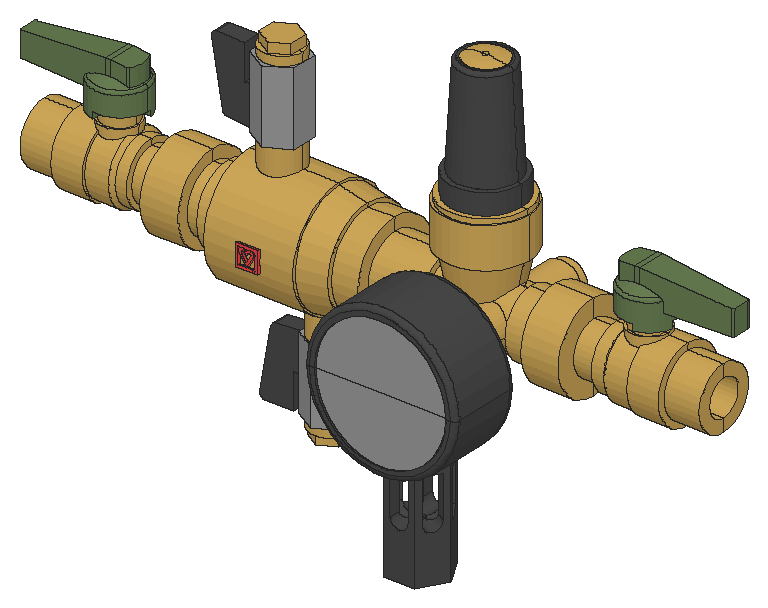
Revit family "Узел подпитки и предотвращения обратного потока 0305", category Rohrzubehör, Revit 2019
Family settings
  Bemaßung runder Anschluss = Durchmesser verwenden
  Teiletyp = Unterbricht
  OmniClass-Nummer = 23.65.55.14
  OmniClass-Titel = Valves for Liquid Services
  Arbeitsebenenbasiert = Nein
  Immer vertikal = Ja
  Beim Laden mit Abzugskörper schneiden = Nein
  Gemeinsam genutzt = Nein
Parameters
  Уплотнение = "EPDM"  # constant formula
  Примечание = "В соответствии со статьей 33 Регламента REACH (Registration; Evaluation; Authorisation; Restriction of Chemicals) (EC № 1907/2006) мы обязаны указать, что свинец внесен в список SVHC (Substances of Very High Concern - вещества очень высокой важности) и весовой процент свинца во всех латунных компонентах заводского изготовления в наших изделиях, превышает 0,1 % (w/w) (CAS: 7439-92-1 / EINECS: 231-100-4).\r\nПоскольку свинец является легирующим компонентом сплава, прямое негативное влияние исключается, и поэтому дополнительной информации о безопасном использовании не требуется."
  Область применения = "Согласно EN 1717 задача узлов предотвращения обратного потока состоит в том, чтобы не допустить обратного оттока или всасывания загрязнённой воды в сеть питьевого водоснабжения.\r\nОни устанавливаются в местах, где сеть питьевого водоснабжения соединяется с технической водой жёсткими или гибкими трубопроводами.\r\nВ основном эти узлы применяются в установках для умягчения, понижения кислотности, а также декарбонизации воды.\r\nКроме этого, узлы предотвращения обратного потока могут устанвливаться в дезинфицирующих системах или перед аппаратами химической очистки для предотвращения обратного потока химически загрязненной воды в систему питьевого водоснабжения."
  Макс. рабочее давление = 1000000.0 Pa  # constant formula
  Макс. рабочая температура = 65 °C  # constant formula
  Корпус = "латунь, CW617N"  # constant formula
  Предварительная заводская настройка давления = 150000.0 Pa  # constant formula
  W02 = 80.00°  # constant formula
  W01 = 45.00°  # constant formula
  URL = "www.herz-armaturen.ru"
  SC_NennweiteBerechnet = 0
  SC_Dimension = ""
  SCTWSEQ = "AW;SBT_TYP_AW=\"104\";2"
  SCTWCODE = "04;12;02"  # constant formula
  S08 = 65.000 mm  # constant formula
  S07 = 75.000 mm  # constant formula
  S06 = 27.000 mm  # constant formula
  S05 = 8.000 mm  # constant formula
  S04 = 20.000 mm  # constant formula
  S03 = 40.000 mm  # constant formula
  S02 [instance] = L17 + L18 + L19 + L20 + L21  # 74.900 mm
  S01 [instance] = D02 - 2.000 mm  # 13.200 mm
  R08 = 8.500 mm  # constant formula
  R07 = 31.000 mm  # constant formula
  R06 = 7.300 mm  # constant formula
  R05 = 6.500 mm  # constant formula
  R04 = 7.500 mm  # constant formula
  R03 = 8.500 mm  # constant formula
  R02 = 7.000 mm  # constant formula
  R01 = 8.000 mm  # constant formula
  Nennweite [instance] = 15.000 mm
  Среда = "питьевая вода"  # constant formula
  Макс. допустимая рабочая температура (кратковременно) = 85 °C  # constant formula
  L29 = 28.800 mm  # constant formula
  L28 = 85.300 mm  # constant formula
  L27 = 44.500 mm  # constant formula
  L26 = 48.500 mm  # constant formula
  L25 = 28.600 mm  # constant formula
  L24 = 10.100 mm  # constant formula
  L23 = 34.000 mm  # constant formula
  L22 = 22.000 mm  # constant formula
  L21 = 11.000 mm  # constant formula
  L20 = 12.000 mm  # constant formula
  L19 = 36.700 mm  # constant formula
  L18 = 8.700 mm  # constant formula
  L17 = 6.500 mm  # constant formula
  L16 = 70.500 mm  # constant formula
  L15 = 18.800 mm  # constant formula
  L14 = 30.000 mm  # constant formula
  L13 = 8.700 mm  # constant formula
  L12 = 4.800 mm  # constant formula
  L11 = 4.000 mm  # constant formula
  L10 = 23.300 mm  # constant formula
  L09 = 26.200 mm  # constant formula
  L08 = 15.500 mm  # constant formula
  L07 [instance] = size_lookup("0305_", "L7", 1.000 mm, Nennweite)  # 53.500 mm
  L06 [instance] = size_lookup("0305_", "L6", 1.000 mm, Nennweite)  # 30.700 mm
  L05 = 4.800 mm  # constant formula
  L04 = 10.000 mm  # constant formula
  L03 = 13.000 mm  # constant formula
  L02 [instance] = size_lookup("0305_", "L2", 1.000 mm, Nennweite)  # 14.600 mm
  L01 [instance] = size_lookup("0305_", "L1", 1.000 mm, Nennweite)  # 56.000 mm
  L00 [instance] = size_lookup("0305_", "L", 1.000 mm, Nennweite)  # 139.500 mm
  IG [instance] = Nennweite / 2  # 7.500 mm
  Hersteller = "HERZ Armaturen Ges.m.b.H."  # constant formula
  GT [instance] = size_lookup("0305_", "GT", 1.000 mm, Nennweite)  # 12.500 mm
  Положение при монтаже = "горизонтальное"  # constant formula
  D18 = 92.300 mm  # constant formula
  D17 = 66.500 mm  # constant formula
  D16 = 66.700 mm  # constant formula
  D15 = 12.200 mm  # constant formula
  D14 = 14.200 mm  # constant formula
  D13 = 19.200 mm  # constant formula
  D12 = 22.800 mm  # constant formula
  D11 = 23.700 mm  # constant formula
  D10 = 16.300 mm  # constant formula
  D09 = 13.500 mm  # constant formula
  D08 = 18.000 mm  # constant formula
  D07 = 22.000 mm  # constant formula
  D06 = 16.000 mm  # constant formula
  D05 = 10.600 mm  # constant formula
  D04 = 12.900 mm  # constant formula
  D03 = 14.400 mm  # constant formula
  D02 = 15.200 mm  # constant formula
  D01 [instance] = size_lookup("0305_", "D1", 1.000 mm, Nennweite)  # 12.600 mm
  Номер заказа [instance] = if(Nennweite = 15.000 mm, "I030501", if(Nennweite = 20.000 mm, "I030502", "0"))  # "I030501"
  Давление на выходе (регулируемое) = "0.5-3 bar"  # constant formula
Reference planes
  plane 1 "Mitte (Vorne/hinten)": y = 0
  plane 2: z = 0
  plane 3 "Mitte (Links/rechts)": x = 0
Forms (mm)
  Revolve 1, solid, material "Messing, weicher Gelbton, geschweißt", detail levels fine
    sketch origin (0, 0, 0) x (1, 0, 0) y (0, 0, 1)
      loop
        line (-127, 0) -> (-83.5, 0) -> (-83.5, 10.6) -> (-95.6, 10.6) -> (-95.6, 12.9) -> (-100.4, 12.9) -> (-101.9, 14.4) -> (-111.9, 14.4) -> (-111.9, 15.2) -> (-124.9, 15.2) -> (-124.9, 12.6) -> (-139.5, 12.6) -> (-139.5, 7.5) -> (-127, 7.5) -> (-127, 0)
      axis (-139.5, 0) -> (-83.5, 0)
    angle from 0 to 360
  Revolve 2, solid, material "Messing, weicher Gelbton, geschweißt", detail levels fine
    sketch origin (0, 0, 0) x (1, 0, 0) y (0, 0, 1)
      loop
        line (-100.8, 0) -> (-100.8, 16) -> (-101.8, 16) -> (-101.8, 22) -> (-108.8, 22) -> (-108.8, 0) -> (-100.8, 0)
      axis (-108.8, 22) -> (-108.8, 0)
    angle from 0 to 360
  Revolve 3, solid, material "Messing, weicher Gelbton, geschweißt", detail levels fine
    sketch origin (0, 0, 0) x (-1, 0, 0) y (0, 0, 1)
      loop
        line (-127, 0) -> (-83.5, 0) -> (-83.5, 10.6) -> (-95.6, 10.6) -> (-95.6, 12.9) -> (-100.4, 12.9) -> (-101.9, 14.4) -> (-111.9, 14.4) -> (-111.9, 15.2) -> (-124.9, 15.2) -> (-124.9, 12.6) -> (-139.5, 12.6) -> (-139.5, 7.5) -> (-127, 7.5) -> (-127, 0)
      axis (-139.5, 0) -> (-83.5, 0)
    angle from 0 to 360
  Revolve 4, solid, material "Messing, weicher Gelbton, geschweißt", detail levels fine
    sketch origin (0, 0, 0) x (-1, 0, 0) y (0, 0, 1)
      loop
        line (-100.8, 0) -> (-100.8, 16) -> (-101.8, 16) -> (-101.8, 22) -> (-108.8, 22) -> (-108.8, 0) -> (-100.8, 0)
      axis (-108.8, 22) -> (-108.8, 0)
    angle from 0 to 360
  Revolve 5, solid, material "Kunststoff GRÜN", detail levels fine
    sketch origin (-98.3, 0, 19.6) x (1, 0, 0) y (0, 0, 1)
      loop
        line (-10.5, 0) -> (0.9, 0) -> (0.9, 10.964)
        arc (0.9, 10.964) -> (0.673, 11.758) -> (0.059, 12.311) r 1.5
        line (0.059, 12.311) -> (-8.5, 16.5) -> (-10.5, 16.5) -> (-10.5, 0)
      axis (-10.5, 16.5) -> (-10.5, 0)
    angle from 0 to 360
  Extrusion 6, void
    sketch origin (-98.3, 0, 0) x (1, 0, 0) y (0, 1, 0)
      loop
        arc (-8.4, 11.205) -> (-18.561, 8.061) -> (-21.705, -2.1) r 11.4
        line (-21.705, -2.1) -> (-17.178, -2.1)
        arc (-17.178, -2.1) -> (-15.45, -4.95) -> (-12.6, -6.678) r 7
        line (-12.6, -6.678) -> (-12.6, -11.205)
        arc (-12.6, -11.205) -> (-2.439, -8.061) -> (0.705, 2.1) r 11.4
        line (0.705, 2.1) -> (-3.822, 2.1)
        arc (-3.822, 2.1) -> (-5.55, 4.95) -> (-8.4, 6.678) r 7
        line (-8.4, 6.678) -> (-8.4, 11.205)
    from 19.6 to 22.3
  Extrusion 7, solid, material "Kunststoff GRÜN", detail levels fine
    sketch origin (-98.3, 0, 0) x (1, 0, 0) y (0, 1, 0)
      loop
        line (-48.5, 3.242) -> (-48.5, -3.242)
        arc (-48.5, -3.242) -> (-48.281, -3.792) -> (-47.743, -4.041) r 0.8
        line (-47.743, -4.041) -> (-11.5, -5.987) -> (-9.5, -5.987) -> (-3.01, -5.535)
        arc (-3.01, -5.535) -> (-2.552, -5.387) -> (-2.216, -5.042) r 1
        arc (-2.216, -5.042) -> (-0.852, 0) -> (-2.216, 5.042) r 10
        arc (-2.216, 5.042) -> (-2.552, 5.387) -> (-3.01, 5.535) r 1
        line (-3.01, 5.535) -> (-9.5, 5.987) -> (-10.5, 5.987) -> (-11.5, 5.987) -> (-47.743, 4.041)
        arc (-47.743, 4.041) -> (-48.281, 3.792) -> (-48.5, 3.242) r 0.8
    from 26.6 to 40.1
  Extrusion 8, void
    sketch origin (-108.8, 0, 0) x (1, 0, 0) y (0, 0, 1)
      loop
        line (1, 40.1) -> (10.462, 39.272) -> (10.462, 41.682) -> (-40.279, 41.682) -> (-40.279, 36.664) -> (-1, 40.1) -> (0, 40.1) -> (1, 40.1)
    from 8 to -8
  Revolve 9, solid, material "Kunststoff GRÜN", detail levels fine
    sketch origin (98.3, 0, 19.6) x (-1, 0, 0) y (0, 0, -1)
      loop
        line (-10.5, 0) -> (-10.5, -16.5) -> (-8.5, -16.5) -> (0.059, -12.311)
        arc (0.059, -12.311) -> (0.673, -11.758) -> (0.9, -10.964) r 1.5
        line (0.9, -10.964) -> (0.9, 0) -> (-10.5, 0)
      axis (-10.5, -16.5) -> (-10.5, 0)
    angle from 0 to 360
  Extrusion 10, void
    sketch origin (98.3, 0, 0) x (-1, 0, 0) y (0, -1, 0)
      loop
        line (-8.4, -11.205) -> (-8.4, -6.678)
        arc (-8.4, -6.678) -> (-5.55, -4.95) -> (-3.822, -2.1) r 7
        line (-3.822, -2.1) -> (0.705, -2.1)
        arc (0.705, -2.1) -> (-2.439, 8.061) -> (-12.6, 11.205) r 11.4
        line (-12.6, 11.205) -> (-12.6, 6.678)
        arc (-12.6, 6.678) -> (-15.45, 4.95) -> (-17.178, 2.1) r 7
        line (-17.178, 2.1) -> (-21.705, 2.1)
        arc (-21.705, 2.1) -> (-18.561, -8.061) -> (-8.4, -11.205) r 11.4
    from 19.6 to 22.3
  Extrusion 11, solid, material "Kunststoff GRÜN", detail levels fine
    sketch origin (98.3, 0, 0) x (-1, 0, 0) y (0, -1, 0)
      loop
        arc (-48.5, -3.242) -> (-48.281, -3.792) -> (-47.743, -4.041) r 0.8
        line (-47.743, -4.041) -> (-11.5, -5.987) -> (-10.5, -5.987) -> (-9.5, -5.987) -> (-3.01, -5.535)
        arc (-3.01, -5.535) -> (-2.552, -5.387) -> (-2.216, -5.042) r 1
        arc (-2.216, -5.042) -> (-0.852, 0) -> (-2.216, 5.042) r 10
        arc (-2.216, 5.042) -> (-2.552, 5.387) -> (-3.01, 5.535) r 1
        line (-3.01, 5.535) -> (-9.5, 5.987) -> (-11.5, 5.987) -> (-47.743, 4.041)
        arc (-47.743, 4.041) -> (-48.281, 3.792) -> (-48.5, 3.242) r 0.8
        line (-48.5, 3.242) -> (-48.5, -3.242)
    from 26.6 to 40.1
  Extrusion 12, void
    sketch origin (108.8, 0, 0) x (-1, 0, 0) y (0, 0, -1)
      loop
        line (1, -40.1) -> (0, -40.1) -> (-1, -40.1) -> (-40.279, -36.664) -> (-40.279, -41.682) -> (10.462, -41.682) -> (10.462, -39.272) -> (1, -40.1)
    from 8 to -8
  Revolve 13, solid, material "Messing, weicher Gelbton, geschweißt", detail levels fine
    sketch origin (0, 0, 0) x (1, 0, 0) y (0, 0, 1)
      loop
        line (-86, 0) -> (-70.5, 0) -> (-70.5, 18) -> (-86, 18) -> (-86, 0)
      axis (-86, 0) -> (-70.5, 0)
    angle from 0 to 360
  Revolve 14, solid, material "Messing, weicher Gelbton, geschweißt", detail levels fine
    sketch origin (0, 0, 0) x (-1, 0, 0) y (0, 0, 1)
      loop
        line (-86, 0) -> (-70.5, 0) -> (-70.5, 18) -> (-86, 18) -> (-86, 0)
      axis (-86, 0) -> (-70.5, 0)
    angle from 0 to 360
  Revolve 15, solid, material "Messing, weicher Gelbton, geschweißt", detail levels fine
    sketch origin (0, 0, 0) x (1, 0, 0) y (0, 1, 0)
      loop
        line (59.2, 26.2) -> (59.2, 30.2) -> (51.7, 30.2) -> (51.7, -28.1) -> (58.2, -28.1) -> (58.2, -23.3) -> (60.2, -23.3) -> (60.2, 26.2) -> (59.2, 26.2)
      axis (51.7, 30.2) -> (51.7, -28.1)
    angle from 0 to 360
  Revolve 16, solid, material "Kunststoff - SCHWARZ", detail levels fine
    sketch origin (0, 0, 0) x (1, 0, 0) y (0, 1, 0)
      loop
        line (51.7, -28.1) -> (51.7, -64.8) -> (78.7, -64.8) -> (78.7, -66.8) -> (80.7, -66.8)
        arc (80.7, -66.8) -> (82.114, -66.214) -> (82.7, -64.8) r 2
        line (82.7, -64.8) -> (82.7, -38.8)
        arc (82.7, -38.8) -> (82.114, -37.386) -> (80.7, -36.8) r 2
        line (80.7, -36.8) -> (59, -36.8) -> (59, -28.1) -> (51.7, -28.1)
      axis (51.7, -28.1) -> (51.7, -66.8)
    angle from 0 to 360
  Revolve 17, solid, material "Messing, weicher Gelbton, geschweißt", detail levels fine
    sketch origin (0, 0, 0) x (1, 0, 0) y (0, 0, 1)
      loop
        line (-70.5, 0) -> (70.5, 0) -> (70.5, 13.5) -> (60.4, 13.5) -> (60.4, 12.2) -> (26.4, 12.2) -> (26.4, 14.2) -> (4.4, 14.2) -> (4.4, 19.2) -> (-6.6, 19.2) -> (-6.6, 20.684) -> (-18.6, 22.8) -> (-18.6, 23.7) -> (-55.3, 23.7) -> (-55.3, 16.3) -> (-64, 16.3) -> (-64, 13.5) -> (-70.5, 13.5) -> (-70.5, 0)
      axis (-70.5, 0) -> (70.5, 0)
    angle from 0 to 360
  Revolve 18, solid, material "Messing, weicher Gelbton, geschweißt", detail levels fine
    sketch origin (0, 0, 0) x (1, 0, 0) y (0, 0, 1)
      loop
        line (-41.9, 0) -> (-33.4, 0) -> (-33.4, 66.7) -> (-41.9, 66.7) -> (-41.9, 0)
      axis (-41.9, 0) -> (-41.9, 66.7)
    angle from 0 to 360
  Revolve 19, solid, material "Messing, weicher Gelbton, geschweißt", detail levels fine
    sketch origin (0, 0, 0) x (1, 0, 0) y (0, 0, -1)
      loop
        line (-22, 0) -> (-13.5, 0) -> (-13.5, 66.7) -> (-22, 66.7) -> (-22, 0)
      axis (-22, 0) -> (-22, 66.7)
    angle from 0 to 360
  Extrusion 20, solid, material "Messing, weicher Gelbton, geschweißt", detail levels fine
    sketch origin (0, 0, 0) x (1, 0, 0) y (0, 1, 0)
      loop
        line (-41.9, 7.5) -> (-48.395, 3.75) -> (-48.395, -3.75) -> (-41.9, -7.5) -> (-35.405, -3.75) -> (-35.405, 3.75) -> (-41.9, 7.5)
    from 66.7 <- "D16" to 70.7
  Extrusion 21, solid, material "Messing, weicher Gelbton, geschweißt", detail levels fine
    sketch origin (0, 0, 0) x (1, 0, 0) y (0, 1, 0)
      loop
        line (-22, 7.5) -> (-28.495, 3.75) -> (-28.495, -3.75) -> (-22, -7.5) -> (-15.505, -3.75) -> (-15.505, 3.75) -> (-22, 7.5)
    from -70.7 to -66.7
  Extrusion 22, solid, material "Aluminium 3003-H16", detail levels fine
    sketch origin (0, 0, 0) x (1, 0, 0) y (0, 1, 0)
      loop
        line (-41.9, 10.5) -> (-50.993, 5.25) -> (-50.993, -5.25) -> (-41.9, -10.5) -> (-32.807, -5.25) -> (-32.807, 5.25) -> (-41.9, 10.5)
    from 33.3 to 63.3
  Extrusion 23, solid, material "Aluminium 3003-H16", detail levels fine
    sketch origin (0, 0, 0) x (1, 0, 0) y (0, 1, 0)
      loop
        line (-22, 10.5) -> (-31.093, 5.25) -> (-31.093, -5.25) -> (-22, -10.5) -> (-12.907, -5.25) -> (-12.907, 5.25) -> (-22, 10.5)
    from -63.3 to -33.3
  Extrusion 24, solid, material "Kunststoff - SCHWARZ", detail levels fine
    sketch origin (0, 0, 0) x (1, 0, 0) y (0, 0, 1)
      loop
        line (-31.093, -33.8) -> (-41.854, -34.675)
        arc (-41.854, -34.675) -> (-43.039, -35.189) -> (-43.662, -36.321) r 2
        line (-43.662, -36.321) -> (-48.186, -61.952)
        arc (-48.186, -61.952) -> (-47.748, -63.585) -> (-46.216, -64.3) r 2
        line (-46.216, -64.3) -> (-34.4, -64.3) -> (-34.4, -49.8) -> (-22, -49.8) -> (-22, -33.8) -> (-31.093, -33.8)
    from -3.5 to 3.5
  Extrusion 25, solid, material "Kunststoff - SCHWARZ", detail levels fine
    sketch origin (-20, 0, 0) x (1, 0, 0) y (0, 0, 1)
      loop
        line (-31.093, 33.8) -> (-22, 33.8) -> (-22, 49.8) -> (-34.4, 49.8) -> (-34.4, 64.3) -> (-46.216, 64.3)
        arc (-46.216, 64.3) -> (-47.748, 63.585) -> (-48.186, 61.952) r 2
        line (-48.186, 61.952) -> (-43.662, 36.321)
        arc (-43.662, 36.321) -> (-43.039, 35.189) -> (-41.854, 34.675) r 2
        line (-41.854, 34.675) -> (-31.093, 33.8)
    from -3.5 to 3.5
  Revolve 26, solid, material "Messing, weicher Gelbton, geschweißt", detail levels fine
    sketch origin (0, 0, 0) x (1, 0, 0) y (0, 0, 1)
      loop
        line (-26, 0) -> (9.709, -35.709) -> (14.517, -30.901) -> (13.103, -29.486) -> (14.164, -28.426) -> (11.335, -25.597) -> (12.042, -24.89) -> (-19.424, 6.576) -> (-26, 0)
      axis (-26, 0) -> (9.709, -35.709)
    angle from 0 to 360
  Revolve 27, solid, material "Messing, weicher Gelbton, geschweißt", detail levels fine
    sketch origin (0, 0, 0) x (1, 0, 0) y (0, 0, 1)
      loop
        line (14.8, -48) -> (14.8, -66.5) -> (21.3, -66.5) -> (21.3, -65.5) -> (24.6, -65.5) -> (24.6, -54) -> (23.1, -54) -> (23.1, -50) -> (21.6, -50) -> (21.6, -48) -> (14.8, -48)
      axis (14.8, -48) -> (14.8, -66.5)
    angle from 0 to 360
  SweptBlend 28, solid, material "Messing, weicher Gelbton, geschweißt", detail levels fine
    path origin (0, 0, 0) x (1, 0, 0) y (0, 0, 1)
      loop
        arc (14.8, -48) -> (13.5, -41.338) -> (9.709, -35.709) r 17.079
    profile origin (14.8, 0, -48) x (-0.999973, 0, 0.007372) y (0, -1, 0)
      loop
        circle (0, 0) r 6.8
    end profile origin (9.709, 0, -35.709) x (-0.701878, 0, -0.712297) y (0, -1, 0)
      loop
        circle (0, 0) r 6.8
  Extrusion 29, solid, material "Kunststoff - SCHWARZ", detail levels fine
    sketch origin (1.983, -7.4, 0) x (0.866025, 0.5, 0) y (-0.5, 0.866025, 0)
      loop
        line (14.8, 12.5) -> (3.975, 6.25) -> (3.975, -6.25) -> (14.8, -12.5) -> (25.625, -6.25) -> (25.625, 6.25) -> (14.8, 12.5)
    from -107 to -58
  Extrusion 30, void
    sketch origin (0, 0, 0) x (1, 0, 0) y (0, 0, 1)
      loop
        line (11.05, -66.5) -> (11.05, -84.05)
        arc (11.05, -84.05) -> (14.8, -87.8) -> (18.55, -84.05) r 3.75
        line (18.55, -84.05) -> (18.55, -66.5) -> (11.05, -66.5)
    from 1 to 12
  Extrusion 31, void
    sketch origin (22.2, 12.817, 0) x (-0.5, -0.866025, 0) y (0, 0, -1)
      loop
        line (11.05, 66.5) -> (18.55, 66.5) -> (18.55, 84.05)
        arc (18.55, 84.05) -> (14.8, 87.8) -> (11.05, 84.05) r 3.75
        line (11.05, 84.05) -> (11.05, 66.5)
    from -12 to -1
  Extrusion 32, void
    sketch origin (22.2, -12.817, 0) x (-0.5, 0.866025, 0) y (0, 0, 1)
      loop
        line (11.05, -66.5) -> (11.05, -84.05)
        arc (11.05, -84.05) -> (14.8, -87.8) -> (18.55, -84.05) r 3.75
        line (18.55, -84.05) -> (18.55, -66.5) -> (11.05, -66.5)
    from -12 to -1
  Extrusion 33, void
    sketch origin (0, 0, 0) x (1, 0, 0) y (0, 0, 1)
      loop
        line (11.05, -66.5) -> (11.05, -84.05)
        arc (11.05, -84.05) -> (14.8, -87.8) -> (18.55, -84.05) r 3.75
        line (18.55, -84.05) -> (18.55, -66.5) -> (11.05, -66.5)
    from -12 to -1
  Extrusion 34, void
    sketch origin (22.2, -12.817, 0) x (-0.5, 0.866025, 0) y (0, 0, -1)
      loop
        line (11.05, 66.5) -> (18.55, 66.5) -> (18.55, 84.05)
        arc (18.55, 84.05) -> (14.8, 87.8) -> (11.05, 84.05) r 3.75
        line (11.05, 84.05) -> (11.05, 66.5)
    from -12 to -1
  Extrusion 35, void
    sketch origin (22.2, 12.817, 0) x (-0.5, -0.866025, 0) y (0, 0, 1)
      loop
        line (11.05, -66.5) -> (11.05, -84.05)
        arc (11.05, -84.05) -> (14.8, -87.8) -> (18.55, -84.05) r 3.75
        line (18.55, -84.05) -> (18.55, -66.5) -> (11.05, -66.5)
    from -12 to -1
  Extrusion 36, void
    sketch origin (0, 0, 0) x (1, 0, 0) y (0, 1, 0)
      loop
        circle (14.8, 0) r 2
    from -88.4 to -66.5
  Revolve 37, solid, material "Messing, weicher Gelbton, geschweißt", detail levels fine
    sketch origin (0, 0, 0) x (1, 0, 0) y (0, 0, 1)
      loop
        line (41.7, 0) -> (52.967, 0) -> (57.7, 22.6) -> (59.7, 22.6) -> (59.7, 39.2) -> (58.9, 39.2) -> (58.9, 41.2) -> (41.7, 41.2) -> (41.7, 0)
      axis (41.7, 41.2) -> (41.7, 0)
    angle from 0 to 360
  Revolve 38, solid, material "Kunststoff - SCHWARZ", detail levels fine
    sketch origin (0, 0, 0) x (1, 0, 0) y (0, 0, 1)
      loop
        line (41.7, 41.2) -> (56.7, 41.2) -> (56.7, 49.7) -> (54.7, 49.7) -> (52.769, 89.772)
        arc (52.769, 89.772) -> (52.305, 90.786) -> (51.271, 91.2) r 1.5
        line (51.271, 91.2) -> (41.7, 91.2) -> (41.7, 41.2)
      axis (41.7, 91.2) -> (41.7, 41.2)
    angle from 0 to 360
  Revolve 39, solid, material "Messing, weicher Gelbton, geschweißt", detail levels fine
    sketch origin (0, 0, 0) x (1, 0, 0) y (0, 0, 1)
      loop
        line (41.7, 90.224) -> (50.2, 90.224) -> (50.2, 91.262)
        arc (50.2, 91.262) -> (46.695, 92.029) -> (43.118, 92.3) r 25.716
        line (43.118, 92.3) -> (41.7, 92.3) -> (41.7, 90.224)
      axis (41.7, 92.3) -> (41.7, 90.224)
    angle from 0 to 360
  Revolve 40, solid, material "Acetalharz, Weiß", detail levels fine
    sketch origin (0, 0, 0) x (1, 0, 0) y (0, 1, 0)
      loop
        line (51.7, -64.8) -> (51.7, -66.3) -> (78.7, -66.3) -> (78.7, -64.8) -> (51.7, -64.8)
      axis (51.7, -66.3) -> (51.7, -64.8)
    angle from 0 to 360
Cuts and joins
  Extrusion 6, Extrusion 10 cuts Revolve 5
  Extrusion 8, Extrusion 12 cuts Extrusion 7
  Extrusion 10 cuts Revolve 2
  Extrusion 10 cuts Revolve 9
  Extrusion 12 cuts Extrusion 11
  Extrusion 30, Extrusion 31, Extrusion 32, Extrusion 33, Extrusion 34, Extrusion 35, Extrusion 36 cuts Revolve 27
  Extrusion 30, Extrusion 31, Extrusion 32, Extrusion 33, Extrusion 34, Extrusion 35, Extrusion 36 cuts Extrusion 29
Lines and regions (mm)
  model lines
    curve 1: line (-70.5, 0, 0) -> (4.4, 0, 0)
  model lines, detail levels coarse+medium
    curve 2: line (-139.5, 0, 15.2) -> (-139.5, 0, -15.2)
    curve 3: line (-139.5, 0, -15.2) -> (-83.5, 0, 15.2)
    curve 4: line (-83.5, 0, 15.2) -> (-83.5, 0, -15.2)
    curve 5: line (-83.5, 0, -15.2) -> (-139.5, 0, 15.2)
    curve 6: circle (-111.5, 0, 0) r 13.2 normal (0, -1, 0)
    curve 7: line (139.5, 0, 15.2) -> (139.5, 0, -15.2)
    curve 8: line (139.5, 0, -15.2) -> (83.5, 0, 15.2)
    curve 9: line (83.5, 0, 15.2) -> (83.5, 0, -15.2)
    curve 10: line (83.5, 0, -15.2) -> (139.5, 0, 15.2)
    curve 11: circle (111.5, 0, 0) r 13.2 normal (0, 1, 0)
    curve 12: line (-70.5, 0, 23.7) -> (4.4, 0, 23.7)
    curve 13: line (-70.5, 0, -23.7) -> (-70.5, 0, 23.7)
    curve 14: line (4.4, 0, -23.7) -> (-70.5, 0, -23.7)
    curve 15: line (4.4, 0, 23.7) -> (4.4, 0, -23.7)
    curve 16: line (-83.5, 0, 0) -> (-70.5, 0, 0)
    curve 17: line (-70.5, 0, 15.7) -> (-30.5, 0, 15.7)
    curve 18: line (-15.6, 0, 15.7) -> (4.4, 0, 15.7)
    curve 19: line (-70.5, 0, -15.7) -> (-30.5, 0, -15.7)
    curve 20: line (-15.6, 0, -15.7) -> (4.4, 0, -15.7)
    curve 21: line (4.4, 0, 0) -> (83.5, 0, 0)
    curve 22: circle (51.592, 0, 47) r 27 normal (0, -1, 0)
    curve 23: line (35.682, 0, 31.09) -> (67.502, 0, 62.91)
    curve 24: line (67.502, 0, 62.91) -> (67.502, 0, 52.91)
    curve 25: line (67.502, 0, 62.91) -> (57.502, 0, 62.91)
    curve 26: line (51.592, 0, 20) -> (51.592, 0, 0)
    curve 27: line (4.4, 0, -23.7) -> (4.4, 0, -75)
    curve 28: line (-8.1, 0, -65) -> (16.9, 0, -65)
    curve 29: line (-139.5, 15.2, 0) -> (-139.5, -15.2, 0)
    curve 30: line (-139.5, -15.2, 0) -> (-83.5, 15.2, 0)
    curve 31: line (-83.5, 15.2, 0) -> (-83.5, -15.2, 0)
    curve 32: line (-83.5, -15.2, 0) -> (-139.5, 15.2, 0)
    curve 33: circle (-111.5, 0, 0) r 13.2 normal (0, 0, 1)
    curve 34: line (139.5, 15.2, 0) -> (139.5, -15.2, 0)
    curve 35: line (139.5, -15.2, 0) -> (83.5, 15.2, 0)
    curve 36: line (83.5, 15.2, 0) -> (83.5, -15.2, 0)
    curve 37: line (83.5, -15.2, 0) -> (139.5, 15.2, 0)
    curve 38: circle (111.5, 0, 0) r 13.2 normal (0, 0, -1)
    curve 39: circle (41.3, 36.063, 0) r 27 normal (0, 0, 1)
    curve 40: line (25.39, 20.154, 0) -> (57.21, 51.973, 0)
    curve 41: line (57.21, 51.973, 0) -> (57.21, 41.973, 0)
    curve 42: line (57.21, 51.973, 0) -> (47.21, 51.973, 0)
    curve 43: line (41.3, 9.063, 0) -> (41.3, 0, 0)
    curve 44: line (-70.5, 23.7, 0) -> (4.4, 23.7, 0)
    curve 45: line (-70.5, -23.7, 0) -> (-70.5, 23.7, 0)
    curve 46: line (4.4, -23.7, 0) -> (-70.5, -23.7, 0)
    curve 47: line (4.4, 23.7, 0) -> (4.4, -23.7, 0)
    curve 48: line (-70.5, 15.7, 0) -> (-30.5, 15.7, 0)
    curve 49: line (4.4, 15.7, 0) -> (-15.6, 15.7, 0)
    curve 50: line (-70.5, -15.7, 0) -> (-30.5, -15.7, 0)
    curve 51: line (4.4, -15.7, 0) -> (-15.6, -15.7, 0)
    curve 52: line (4.4, -23.7, 0) -> (4.4, -75, 0)
    curve 53: line (-8.1, -65, 0) -> (16.9, -65, 0)
Dimensions and locks
  "IG": Revolve 1 sketch curve to plane 2
  "L01": Revolve 1 sketch curve to Revolve 1 sketch curve
  "L02": Revolve 1 sketch curve to Revolve 1 sketch curve
  "L03": Revolve 1 sketch curve to Revolve 1 sketch curve
  "L04": Revolve 1 sketch curve to Revolve 1 sketch curve
  "L05": Revolve 1 sketch curve to Revolve 1 sketch curve
  "D01": Revolve 1 sketch curve to plane 2
  "D02": Revolve 1 sketch curve to Revolve 1 sketch curve
  "D03": Revolve 1 sketch curve to plane 2
  "D04": Revolve 1 sketch curve to plane 2
  "D05": Revolve 1 sketch curve to plane 2
  "R01": Revolve 2 sketch curve to Revolve 2 sketch curve
  "L06": Revolve 1 to Revolve 2 sketch curve
  "D06": Revolve 2 sketch curve to plane 2
  "R02": Revolve 2 sketch curve to Revolve 2 sketch curve
  "D07": Revolve 2 sketch curve to plane 2
  "L00": plane 3 "Mitte (Links/rechts)" to Revolve 1 sketch curve
  "L01": Revolve 3 sketch curve to Revolve 3 sketch curve
  "L02": Revolve 3 sketch curve to Revolve 3 sketch curve
  "L03": Revolve 3 sketch curve to Revolve 3 sketch curve
  "L04": Revolve 3 sketch curve to Revolve 3 sketch curve
  "L05": Revolve 3 sketch curve to Revolve 3 sketch curve
  "D02": Revolve 3 sketch curve to Revolve 3 sketch curve
  "R01": Revolve 4 sketch curve to Revolve 4 sketch curve
  "L06": Revolve 3 to Revolve 4 sketch curve
  "R02": Revolve 4 sketch curve to Revolve 4 sketch curve
  "L00": plane 3 "Mitte (Links/rechts)" to Revolve 3 sketch curve
  "L06": Revolve 5 sketch curve to Revolve 1
  cut or joined group of Revolve 5, Extrusion 6, Extrusion 10 to plane 2 = 22.300 mm
  Extrusion 10 to plane 2 = 22.300 mm
  "L06": Revolve 9 sketch curve to Revolve 3
  "L07": Revolve 13 sketch curve to Revolve 1
  "L08": Revolve 13 sketch curve to Revolve 13 sketch curve
  "D08": Revolve 13 sketch curve to plane 2
  "L08": Revolve 14 sketch curve to Revolve 14 sketch curve
  "L07": Revolve 14 sketch curve to Revolve 3
  "D08": Revolve 14 sketch curve to plane 2
  "IG": Revolve 3 sketch curve to plane 2
  "D01": Revolve 3 sketch curve to plane 2
  "D05": Revolve 3 sketch curve to plane 2
  "D04": Revolve 3 sketch curve to plane 2
  "D03": Revolve 3 sketch curve to plane 2
  "D06": Revolve 4 sketch curve to plane 2
  "D07": Revolve 4 sketch curve to plane 2
  "L06": Extrusion 11 sketch curve to Revolve 3
  "L06": Revolve 1 to Extrusion 7 sketch curve
  cut or joined group of Extrusion 7, Extrusion 8, Extrusion 12 to Extrusion 7 sketch curve = 38.000 mm
  Extrusion 11 sketch curve to cut or joined group of Extrusion 11, Extrusion 12 = 38.000 mm
  "L06": Revolve 1 to Extrusion 8 sketch curve
  "L06": Extrusion 12 sketch curve to Revolve 3
  "R03": Revolve 15 sketch curve to Revolve 15 sketch curve
  "L09": plane 1 "Mitte (Vorne/hinten)" to Revolve 15 sketch curve
  "L10": Revolve 15 sketch curve to plane 1 "Mitte (Vorne/hinten)"
  "R04": Revolve 15 sketch curve to Revolve 15 sketch curve
  "L11": Revolve 15 sketch curve to Revolve 15 sketch curve
  "R05": Revolve 15 sketch curve to Revolve 15 sketch curve
  "L15": Revolve 15 sketch curve to Revolve 14
  "L12": Revolve 15 sketch curve to Revolve 15 sketch curve
  "R06": Revolve 15 sketch curve to Revolve 16 sketch curve
  "L13": Revolve 16 sketch curve to Revolve 16 sketch curve
  "R07": Revolve 15 sketch curve to Revolve 16 sketch curve
  "L14": Revolve 16 sketch curve to Revolve 16 sketch curve
  "R07": Revolve 16 sketch curve to Revolve 16 sketch curve
  Revolve 16 sketch curve to Revolve 16 sketch curve = 7.300 mm
  "GT": Revolve 1 sketch curve to Revolve 1 sketch curve
  "GT": Revolve 3 sketch curve to Revolve 3 sketch curve
  "L16": plane 3 "Mitte (Links/rechts)" to Revolve 17 sketch curve
  "L17": Revolve 17 sketch curve to Revolve 17 sketch curve
  "L18": Revolve 17 sketch curve to Revolve 17 sketch curve
  "L19": Revolve 17 sketch curve to Revolve 17 sketch curve
  "L20": Revolve 17 sketch curve to Revolve 17 sketch curve
  "L21": Revolve 17 sketch curve to Revolve 17 sketch curve
  "L22": Revolve 17 sketch curve to Revolve 17 sketch curve
  "L23": Revolve 17 sketch curve to Revolve 17 sketch curve
  "L24": Revolve 17 sketch curve to Revolve 17 sketch curve
  "D09": Revolve 17 sketch curve to plane 2  (x2)
  "D10": Revolve 17 sketch curve to plane 2
  "D11": Revolve 17 sketch curve to plane 2
  "D15": Revolve 17 sketch curve to plane 2
  "D14": Revolve 17 sketch curve to plane 2
  "D13": Revolve 17 sketch curve to plane 2
  "D12": Revolve 17 sketch curve to plane 2
  "L06": Revolve 1 to Extrusion 6 sketch curve
  "L06": Extrusion 10 sketch curve to Revolve 3
  "L25": Revolve 13 to Revolve 18 sketch curve
  "R08": Revolve 18 sketch curve to Revolve 18 sketch curve
  "D16": Revolve 18 sketch curve to plane 2
  "R08": Revolve 19 sketch curve to Revolve 19 sketch curve
  "L26": Revolve 13 to Revolve 19 sketch curve
  "D16": plane 2 to Revolve 19 sketch curve
  "L25": Revolve 13 to Extrusion 20 sketch curve
  "L26": Revolve 13 to Extrusion 21 sketch curve
  "L25": Revolve 13 to Extrusion 22 sketch curve
  "L26": Revolve 13 to Extrusion 23 sketch curve
  "L27": Revolve 13 to Revolve 26 sketch curve
  "L28": Revolve 13 to Revolve 27 sketch curve
  "L29": Revolve 37 sketch curve to Revolve 14
  "D18": Revolve 39 sketch curve to plane 2
  Revolve 37 sketch curve to Revolve 37 sketch curve = 11.267 mm
  "D11": nested 1 to plane 1 "Mitte (Vorne/hinten)"
  "D02": curve 5 to plane 2 to curve 3
  "D02": curve 4 to plane 2 to curve 5
  "L00": plane 3 "Mitte (Links/rechts)" to curve 2
  "L01": curve 2 to curve 4
  "D02": curve 10 to plane 2 to curve 8
  "D02": curve 9 to plane 2 to curve 10
  "L00": curve 7 to plane 3 "Mitte (Links/rechts)"
  "L01": curve 9 to curve 7
  "L16": plane 3 "Mitte (Links/rechts)" to curve 13
  "S02": curve 15 to curve 13
  "D11": curve 12 to plane 2 to curve 14
  "S05": curve 19 to curve 14
  "S05": curve 12 to curve 17
  "S05": curve 12 to curve 18
  "S05": curve 20 to curve 14
  "S04": curve 18 to curve 15
  "S03": curve 17 to curve 13
  "S03": curve 19 to curve 13
  "S04": curve 20 to curve 15
  "S07": plane 2 to curve 27
  "S08": plane 2 to curve 28
  "L00": curve 29 to plane 3 "Mitte (Links/rechts)"
  "L01": curve 29 to curve 31
  "D02": curve 30 to plane 1 "Mitte (Vorne/hinten)" to curve 32
  "D02": curve 32 to plane 1 "Mitte (Vorne/hinten)" to curve 31
  equal spacing: curve 29, curve 33, curve 31
  equal spacing: curve 2, curve 6, curve 4
  equal spacing: curve 9, curve 11, curve 7
  "L01": curve 34 to curve 36
  "D02": curve 35 to plane 1 "Mitte (Vorne/hinten)" to curve 37
  "D02": curve 37 to plane 1 "Mitte (Vorne/hinten)" to curve 36
  equal spacing: curve 34, curve 38, curve 36
  "L00": plane 3 "Mitte (Links/rechts)" to curve 34
  "L16": curve 45 to plane 3 "Mitte (Links/rechts)"
  "S02": curve 45 to curve 47
  "D11": curve 46 to plane 1 "Mitte (Vorne/hinten)" to curve 44
  "S05": curve 48 to curve 44
  "S05": curve 44 to curve 49
  "S05": curve 51 to curve 46
  "S05": curve 46 to curve 50
  "S03": curve 45 to curve 48
  "S04": curve 49 to curve 47
  "S04": curve 51 to curve 47
  "S03": curve 45 to curve 50
  "S07": curve 52 to plane 1 "Mitte (Vorne/hinten)"
  "S08": curve 53 to plane 1 "Mitte (Vorne/hinten)"
  radius of cut or joined group of Extrusion 7, Extrusion 8, Extrusion 12 = 10.000 mm
  radius of cut or joined group of Extrusion 11, Extrusion 12 = 10.000 mm
  "S01": radius of curve 6
  "S01": radius of curve 11
  "S06": radius of curve 22
  "S01": radius of curve 33
  "S01": radius of curve 38
  "S06": radius of curve 39
  "W01": angle Revolve 1 sketch curve to Revolve 1 sketch curve
  "W01": angle Revolve 3 sketch curve to Revolve 3 sketch curve
  "W02": angle Revolve 17 sketch curve to Revolve 17 sketch curve
  "W01": angle Revolve 26 sketch curve to plane 2
  "W01": angle curve 23 to curve 24
  "W01": angle curve 25 to curve 23
  "W01": angle curve 40 to curve 41
  "W01": angle curve 42 to curve 40
  aligned and locked: level to plane 2
Automatic sketch dimensions
  Extrusion 24 sketch curve to plane 3 "Mitte (Links/rechts)" = 48.186 mm
  Extrusion 24 sketch curve to Extrusion 24 sketch curve = 1.970 mm  (x2)
  Extrusion 24 sketch curve to Extrusion 24 sketch curve = 4.524 mm
  Extrusion 24 sketch curve to Extrusion 24 sketch curve = 1.807 mm
  Extrusion 24 sketch curve to Extrusion 24 sketch curve = 7.292 mm
  Extrusion 24 sketch curve to Extrusion 24 sketch curve = 10.761 mm
  Extrusion 24 sketch curve to Extrusion 24 sketch curve = 12.400 mm
  Extrusion 24 sketch curve to level = 64.300 mm
  Extrusion 24 sketch curve to Extrusion 24 sketch curve = 2.000 mm
  Extrusion 24 sketch curve to Extrusion 24 sketch curve = 14.500 mm
  Extrusion 24 sketch curve to Extrusion 24 sketch curve = 13.132 mm
  Extrusion 24 sketch curve to Extrusion 24 sketch curve = 0.348 mm
  Extrusion 24 sketch curve to Extrusion 24 sketch curve = 0.875 mm
  plane 3 "Mitte (Links/rechts)" to Extrusion 25 sketch curve = 68.186 mm
  Extrusion 25 sketch curve to Extrusion 25 sketch curve = 1.970 mm  (x2)
  Extrusion 25 sketch curve to Extrusion 25 sketch curve = 4.524 mm
  Extrusion 25 sketch curve to level = 34.675 mm
  Extrusion 25 sketch curve to Extrusion 25 sketch curve = 1.807 mm
  Extrusion 25 sketch curve to Extrusion 25 sketch curve = 7.292 mm
  Extrusion 25 sketch curve to Extrusion 25 sketch curve = 10.761 mm
  Extrusion 25 sketch curve to Extrusion 25 sketch curve = 12.400 mm
  Extrusion 25 sketch curve to Extrusion 25 sketch curve = 1.646 mm
  Extrusion 25 sketch curve to Extrusion 25 sketch curve = 13.132 mm
  Extrusion 25 sketch curve to Extrusion 25 sketch curve = 12.152 mm
  Extrusion 25 sketch curve to Extrusion 25 sketch curve = 0.348 mm
  Extrusion 25 sketch curve to Extrusion 25 sketch curve = 0.875 mm
  SweptBlend 28 sketch curve to plane 3 "Mitte (Links/rechts)" = 2.278 mm
  SweptBlend 28 sketch curve to level = 47.874 mm
  plane 3 "Mitte (Links/rechts)" to SweptBlend 28 sketch curve = 9.709 mm
  SweptBlend 28 sketch curve to SweptBlend 28 sketch curve = 5.091 mm
  SweptBlend 28 sketch curve to SweptBlend 28 sketch curve = 0.126 mm
  plane 1 "Mitte (Vorne/hinten)" to SweptBlend 28 sketch curve = 0.000 mm  (x2)
  SweptBlend 28 sketch curve to profile plane = 0.000 mm  (x2)
  plane 1 "Mitte (Vorne/hinten)" to Extrusion 29 sketch curve = 0.000 mm  (x2)
  plane 3 "Mitte (Links/rechts)" to Extrusion 29 sketch curve = 2.300 mm
  Extrusion 29 sketch curve to Extrusion 29 sketch curve = 10.825 mm  (x3)
  Extrusion 29 sketch curve to Extrusion 29 sketch curve = 12.500 mm  (x2)
  Extrusion 29 sketch curve to Extrusion 29 sketch curve = 6.250 mm  (x2)
  plane 3 "Mitte (Links/rechts)" to Extrusion 30 sketch curve = 11.050 mm
  Extrusion 30 sketch curve to Extrusion 30 sketch curve = 3.750 mm
  Extrusion 30 sketch curve to level = 84.050 mm
  Extrusion 30 sketch curve to Extrusion 30 sketch curve = 17.550 mm
  Extrusion 30 sketch curve to Extrusion 30 sketch curve = 0.000 mm
  Extrusion 31 sketch curve to level = 66.500 mm
  Extrusion 31 sketch curve to Extrusion 31 sketch curve = 3.750 mm
  Extrusion 31 sketch curve to Extrusion 31 sketch curve = 17.550 mm
  Extrusion 31 sketch curve to Extrusion 31 sketch curve = 0.000 mm
  Extrusion 32 sketch curve to level = 66.500 mm
  Extrusion 32 sketch curve to Extrusion 32 sketch curve = 3.750 mm
  Extrusion 32 sketch curve to Extrusion 32 sketch curve = 17.550 mm
  Extrusion 32 sketch curve to Extrusion 32 sketch curve = 0.000 mm
  plane 3 "Mitte (Links/rechts)" to Extrusion 33 sketch curve = 11.050 mm
  Extrusion 33 sketch curve to Extrusion 33 sketch curve = 3.750 mm
  Extrusion 33 sketch curve to level = 84.050 mm
  Extrusion 33 sketch curve to Extrusion 33 sketch curve = 17.550 mm
  Extrusion 33 sketch curve to Extrusion 33 sketch curve = 0.000 mm
  Extrusion 34 sketch curve to level = 66.500 mm
  Extrusion 34 sketch curve to Extrusion 34 sketch curve = 3.750 mm
  Extrusion 34 sketch curve to Extrusion 34 sketch curve = 17.550 mm
  Extrusion 34 sketch curve to Extrusion 34 sketch curve = 0.000 mm
  Extrusion 35 sketch curve to level = 66.500 mm
  Extrusion 35 sketch curve to Extrusion 35 sketch curve = 3.750 mm
  Extrusion 35 sketch curve to Extrusion 35 sketch curve = 17.550 mm
  Extrusion 35 sketch curve to Extrusion 35 sketch curve = 0.000 mm
  plane 1 "Mitte (Vorne/hinten)" to Extrusion 36 sketch curve = 0.000 mm
  plane 3 "Mitte (Links/rechts)" to Extrusion 36 sketch curve = 14.800 mm
  plane 3 "Mitte (Links/rechts)" to Revolve 38 sketch curve = 41.700 mm
  Revolve 38 sketch curve to Revolve 38 sketch curve = 9.571 mm
  Revolve 38 sketch curve to Revolve 38 sketch curve = 1.498 mm
  Revolve 38 sketch curve to Revolve 38 sketch curve = 13.000 mm
  Revolve 38 sketch curve to Revolve 38 sketch curve = 2.000 mm
  level to Revolve 38 sketch curve = 41.200 mm
  Revolve 38 sketch curve to Revolve 38 sketch curve = 8.500 mm
  Revolve 38 sketch curve to Revolve 38 sketch curve = 40.000 mm
  Revolve 38 sketch curve to Revolve 38 sketch curve = 0.072 mm
  Revolve 38 sketch curve to Revolve 38 sketch curve = 0.000 mm  (x3)
  plane 3 "Mitte (Links/rechts)" to Revolve 40 sketch curve = 51.700 mm
  Revolve 40 sketch curve to Revolve 40 sketch curve = 27.000 mm
  plane 1 "Mitte (Vorne/hinten)" to Revolve 40 sketch curve = 66.300 mm
  Revolve 40 sketch curve to Revolve 40 sketch curve = 1.500 mm
  Revolve 40 sketch curve to Revolve 40 sketch curve = 0.000 mm  (x3)
  curve 26 to level = 0.000 mm
  curve 11 to level = 0.000 mm
  curve 6 to level = 0.000 mm
  curve 16 to level = 0.000 mm
  curve 28 to plane 3 "Mitte (Links/rechts)" = 8.100 mm
  curve 27 to curve 28 = 12.500 mm
  curve 26 to curve 8 = 31.908 mm
  level to curve 26 = 20.000 mm
  plane 1 "Mitte (Vorne/hinten)" to curve 43 = 0.000 mm
  plane 1 "Mitte (Vorne/hinten)" to curve 1 = 0.000 mm
  plane 1 "Mitte (Vorne/hinten)" to curve 33 = 0.000 mm
  plane 1 "Mitte (Vorne/hinten)" to curve 38 = 0.000 mm
  curve 44 to curve 39 = 36.900 mm
  curve 39 to curve 40 = 15.910 mm
  curve 39 to plane 1 "Mitte (Vorne/hinten)" = 36.063 mm
  curve 39 to curve 41 = 15.910 mm
  curve 53 to plane 3 "Mitte (Links/rechts)" = 8.100 mm
  curve 52 to curve 53 = 12.500 mm
  curve 40 to curve 43 = 15.910 mm
  Revolve 1 sketch curve to level = 0.000 mm  (x2)
  Revolve 1 sketch curve to Revolve 1 sketch curve = 1236.530 mm
  plane 3 "Mitte (Links/rechts)" to Revolve 1 sketch curve = 1839.148 mm
  Revolve 2 sketch curve to level = 0.000 mm  (x2)
  Revolve 2 sketch curve to Revolve 2 sketch curve = 0.000 mm
  Revolve 2 sketch curve to Revolve 2 sketch curve = 6.000 mm
  Revolve 3 sketch curve to level = 0.000 mm  (x2)
  Revolve 3 sketch curve to Revolve 3 sketch curve = 1236.530 mm
  plane 3 "Mitte (Links/rechts)" to Revolve 3 sketch curve = 1839.148 mm
  Revolve 4 sketch curve to level = 0.000 mm  (x2)
  Revolve 4 sketch curve to Revolve 4 sketch curve = 0.000 mm
  Revolve 4 sketch curve to Revolve 4 sketch curve = 6.000 mm
  Revolve 5 sketch curve to Revolve 5 sketch curve = 2.000 mm
  Revolve 5 sketch curve to Revolve 5 sketch curve = 7.900 mm
  level to Revolve 5 sketch curve = 31.911 mm
  Revolve 5 sketch curve to Revolve 5 sketch curve = 0.659 mm
  Revolve 5 sketch curve to Revolve 5 sketch curve = 1.500 mm
  Revolve 5 sketch curve to Revolve 5 sketch curve = 10.964 mm
  Revolve 5 sketch curve to Revolve 5 sketch curve = 5.536 mm
  Revolve 5 sketch curve to Revolve 5 sketch curve = 0.000 mm  (x3)
  Extrusion 6 sketch curve to Extrusion 6 sketch curve = 0.000 mm  (x6)
  plane 1 "Mitte (Vorne/hinten)" to Extrusion 6 sketch curve = 0.000 mm
  Extrusion 6 sketch curve to Extrusion 6 sketch curve = 2.100 mm
  plane 1 "Mitte (Vorne/hinten)" to Extrusion 6 sketch curve = 2.100 mm
  Extrusion 6 sketch curve to Extrusion 6 sketch curve = 4.578 mm  (x2)
  Extrusion 6 sketch curve to Extrusion 6 sketch curve = 4.527 mm  (x2)
  Extrusion 6 sketch curve to plane 1 "Mitte (Vorne/hinten)" = 11.205 mm
  Extrusion 6 sketch curve to plane 1 "Mitte (Vorne/hinten)" = 2.100 mm
  plane 1 "Mitte (Vorne/hinten)" to Extrusion 7 sketch curve = 0.000 mm
  Extrusion 7 sketch curve to Extrusion 7 sketch curve = 0.352 mm
  Extrusion 7 sketch curve to Extrusion 7 sketch curve = 1.000 mm  (x2)
  plane 1 "Mitte (Vorne/hinten)" to Extrusion 7 sketch curve = 5.987 mm
  Extrusion 7 sketch curve to Extrusion 7 sketch curve = 0.648 mm
  plane 1 "Mitte (Vorne/hinten)" to Extrusion 7 sketch curve = 3.242 mm
  Extrusion 7 sketch curve to Extrusion 7 sketch curve = 36.200 mm
  Extrusion 7 sketch curve to plane 1 "Mitte (Vorne/hinten)" = 3.242 mm
  Extrusion 7 sketch curve to Extrusion 7 sketch curve = 0.000 mm  (x2)
  plane 1 "Mitte (Vorne/hinten)" to Extrusion 7 sketch curve = 4.041 mm
  Extrusion 7 sketch curve to Extrusion 7 sketch curve = 0.043 mm
  Extrusion 7 sketch curve to plane 1 "Mitte (Vorne/hinten)" = 4.041 mm
  Extrusion 7 sketch curve to Extrusion 7 sketch curve = 2.000 mm
  Extrusion 7 sketch curve to plane 1 "Mitte (Vorne/hinten)" = 5.987 mm
  Extrusion 7 sketch curve to Extrusion 7 sketch curve = 6.421 mm  (x2)
  plane 1 "Mitte (Vorne/hinten)" to Extrusion 7 sketch curve = 5.535 mm
  Extrusion 7 sketch curve to Extrusion 7 sketch curve = 0.069 mm  (x2)
  Extrusion 7 sketch curve to plane 1 "Mitte (Vorne/hinten)" = 5.535 mm
  Extrusion 7 sketch curve to Extrusion 7 sketch curve = 0.998 mm  (x2)
  level to Extrusion 8 sketch curve = 40.100 mm
  Extrusion 8 sketch curve to Extrusion 8 sketch curve = 1.000 mm  (x2)
  Extrusion 8 sketch curve to Extrusion 8 sketch curve = 39.279 mm
  level to Extrusion 8 sketch curve = 39.272 mm
  Extrusion 8 sketch curve to Extrusion 8 sketch curve = 9.462 mm
  level to Extrusion 8 sketch curve = 36.664 mm
  Extrusion 8 sketch curve to Extrusion 8 sketch curve = 2.410 mm
  Revolve 9 sketch curve to Revolve 9 sketch curve = 2.000 mm
  Revolve 9 sketch curve to Revolve 9 sketch curve = 7.900 mm
  level to Revolve 9 sketch curve = 31.911 mm
  Revolve 9 sketch curve to Revolve 9 sketch curve = 0.659 mm
  Revolve 9 sketch curve to Revolve 9 sketch curve = 1.500 mm
  Revolve 9 sketch curve to Revolve 9 sketch curve = 4.189 mm
  Revolve 9 sketch curve to Revolve 9 sketch curve = 10.964 mm
  Revolve 9 sketch curve to Revolve 9 sketch curve = 0.000 mm  (x3)
  Extrusion 10 sketch curve to Extrusion 10 sketch curve = 0.000 mm  (x6)
  plane 1 "Mitte (Vorne/hinten)" to Extrusion 10 sketch curve = 0.000 mm
  Extrusion 10 sketch curve to Extrusion 10 sketch curve = 2.100 mm
  Extrusion 10 sketch curve to plane 1 "Mitte (Vorne/hinten)" = 2.100 mm
  Extrusion 10 sketch curve to Extrusion 10 sketch curve = 4.578 mm  (x2)
  Extrusion 10 sketch curve to Extrusion 10 sketch curve = 4.527 mm  (x2)
  plane 1 "Mitte (Vorne/hinten)" to Extrusion 10 sketch curve = 11.205 mm
  plane 1 "Mitte (Vorne/hinten)" to Extrusion 10 sketch curve = 2.100 mm
  plane 1 "Mitte (Vorne/hinten)" to Extrusion 11 sketch curve = 0.000 mm
  Extrusion 11 sketch curve to Extrusion 11 sketch curve = 0.352 mm
  Extrusion 11 sketch curve to Extrusion 11 sketch curve = 1.000 mm  (x2)
  Extrusion 11 sketch curve to plane 1 "Mitte (Vorne/hinten)" = 5.987 mm
  Extrusion 11 sketch curve to Extrusion 11 sketch curve = 0.648 mm
  Extrusion 11 sketch curve to plane 1 "Mitte (Vorne/hinten)" = 3.242 mm
  Extrusion 11 sketch curve to Extrusion 11 sketch curve = 36.200 mm
  plane 1 "Mitte (Vorne/hinten)" to Extrusion 11 sketch curve = 3.242 mm
  Extrusion 11 sketch curve to Extrusion 11 sketch curve = 0.000 mm  (x2)
  Extrusion 11 sketch curve to plane 1 "Mitte (Vorne/hinten)" = 4.041 mm
  Extrusion 11 sketch curve to Extrusion 11 sketch curve = 0.043 mm
  plane 1 "Mitte (Vorne/hinten)" to Extrusion 11 sketch curve = 4.041 mm
  Extrusion 11 sketch curve to Extrusion 11 sketch curve = 2.000 mm
  plane 1 "Mitte (Vorne/hinten)" to Extrusion 11 sketch curve = 5.987 mm
  Extrusion 11 sketch curve to Extrusion 11 sketch curve = 6.421 mm  (x2)
  Extrusion 11 sketch curve to plane 1 "Mitte (Vorne/hinten)" = 5.535 mm
  Extrusion 11 sketch curve to Extrusion 11 sketch curve = 0.069 mm  (x2)
  plane 1 "Mitte (Vorne/hinten)" to Extrusion 11 sketch curve = 5.535 mm
  Extrusion 11 sketch curve to Extrusion 11 sketch curve = 0.998 mm  (x2)
  Extrusion 12 sketch curve to level = 40.100 mm
  Extrusion 12 sketch curve to Extrusion 12 sketch curve = 1.000 mm  (x2)
  Extrusion 12 sketch curve to Extrusion 12 sketch curve = 39.279 mm
  Extrusion 12 sketch curve to level = 39.272 mm
  Extrusion 12 sketch curve to Extrusion 12 sketch curve = 9.462 mm
  Extrusion 12 sketch curve to level = 36.664 mm
  Extrusion 12 sketch curve to Extrusion 12 sketch curve = 2.410 mm
  Revolve 13 sketch curve to level = 0.000 mm  (x2)
  Revolve 13 sketch curve to Revolve 13 sketch curve = 1431.030 mm
  plane 3 "Mitte (Links/rechts)" to Revolve 13 sketch curve = 1839.148 mm
  Revolve 14 sketch curve to level = 0.000 mm  (x2)
  Revolve 14 sketch curve to Revolve 14 sketch curve = 1431.030 mm
  plane 3 "Mitte (Links/rechts)" to Revolve 14 sketch curve = 1839.148 mm
  Revolve 15 sketch curve to Revolve 15 sketch curve = 0.000 mm  (x3)
  Revolve 16 sketch curve to Revolve 16 sketch curve = 4.000 mm
  Revolve 16 sketch curve to Revolve 16 sketch curve = 2.000 mm  (x4)
  plane 1 "Mitte (Vorne/hinten)" to Revolve 16 sketch curve = 66.800 mm
  Revolve 16 sketch curve to Revolve 16 sketch curve = 0.000 mm  (x2)
  Revolve 17 sketch curve to level = 0.000 mm  (x2)
  Revolve 17 sketch curve to Revolve 17 sketch curve = 1436.030 mm
  Revolve 17 sketch curve to Revolve 17 sketch curve = 1768.648 mm
  Revolve 18 sketch curve to level = 0.000 mm  (x2)
  Revolve 18 sketch curve to Revolve 18 sketch curve = 0.000 mm  (x2)
  Revolve 19 sketch curve to level = 0.000 mm  (x2)
  Revolve 19 sketch curve to Revolve 19 sketch curve = 0.000 mm  (x2)
  plane 1 "Mitte (Vorne/hinten)" to Extrusion 20 sketch curve = 3.750 mm  (x2)
  Extrusion 20 sketch curve to Extrusion 20 sketch curve = 6.495 mm  (x3)
  plane 1 "Mitte (Vorne/hinten)" to Extrusion 20 sketch curve = 7.500 mm
  Extrusion 20 sketch curve to plane 1 "Mitte (Vorne/hinten)" = 3.750 mm  (x2)
  Extrusion 20 sketch curve to plane 1 "Mitte (Vorne/hinten)" = 7.500 mm
  plane 1 "Mitte (Vorne/hinten)" to Extrusion 21 sketch curve = 3.750 mm  (x2)
  Extrusion 21 sketch curve to Extrusion 21 sketch curve = 6.495 mm  (x3)
  plane 1 "Mitte (Vorne/hinten)" to Extrusion 21 sketch curve = 7.500 mm
  Extrusion 21 sketch curve to plane 1 "Mitte (Vorne/hinten)" = 3.750 mm  (x2)
  Extrusion 21 sketch curve to plane 1 "Mitte (Vorne/hinten)" = 7.500 mm
  plane 1 "Mitte (Vorne/hinten)" to Extrusion 22 sketch curve = 5.250 mm  (x2)
  Extrusion 22 sketch curve to Extrusion 22 sketch curve = 9.093 mm  (x3)
  plane 1 "Mitte (Vorne/hinten)" to Extrusion 22 sketch curve = 10.500 mm
  Extrusion 22 sketch curve to plane 1 "Mitte (Vorne/hinten)" = 5.250 mm  (x2)
  Extrusion 22 sketch curve to plane 1 "Mitte (Vorne/hinten)" = 10.500 mm
  plane 1 "Mitte (Vorne/hinten)" to Extrusion 23 sketch curve = 5.250 mm  (x2)
  Extrusion 23 sketch curve to Extrusion 23 sketch curve = 9.093 mm  (x3)
  plane 1 "Mitte (Vorne/hinten)" to Extrusion 23 sketch curve = 10.500 mm
  Extrusion 23 sketch curve to plane 1 "Mitte (Vorne/hinten)" = 5.250 mm  (x2)
  Extrusion 23 sketch curve to plane 1 "Mitte (Vorne/hinten)" = 10.500 mm
  Revolve 26 sketch curve to level = 0.000 mm  (x2)
  level to Revolve 26 sketch curve = 6.576 mm
  plane 3 "Mitte (Links/rechts)" to Revolve 26 sketch curve = 9.709 mm
  Revolve 26 sketch curve to Revolve 26 sketch curve = 1.626 mm
  Revolve 26 sketch curve to Revolve 26 sketch curve = 0.707 mm
  Revolve 26 sketch curve to Revolve 26 sketch curve = 1.768 mm
  Revolve 26 sketch curve to Revolve 26 sketch curve = 1.061 mm
  Revolve 26 sketch curve to Revolve 26 sketch curve = 0.000 mm
  Revolve 26 sketch curve to Revolve 26 sketch curve = 5.091 mm  (x2)
  Revolve 27 sketch curve to Revolve 27 sketch curve = 0.000 mm  (x2)
  Revolve 27 sketch curve to Revolve 27 sketch curve = 6.500 mm
  Revolve 27 sketch curve to Revolve 27 sketch curve = 6.800 mm
  Revolve 27 sketch curve to Revolve 27 sketch curve = 1.500 mm
  Revolve 27 sketch curve to Revolve 27 sketch curve = 3.300 mm
  Revolve 27 sketch curve to level = 66.500 mm
  Revolve 27 sketch curve to Revolve 27 sketch curve = 1.000 mm
  Revolve 27 sketch curve to Revolve 27 sketch curve = 11.500 mm
  Revolve 27 sketch curve to Revolve 27 sketch curve = 4.000 mm
  Revolve 27 sketch curve to Revolve 27 sketch curve = 2.000 mm
  Revolve 27 sketch curve to Revolve 27 sketch curve = 7.200 mm
  Revolve 37 sketch curve to level = 0.000 mm  (x2)
  Revolve 37 sketch curve to Revolve 37 sketch curve = 11.267 mm
  level to Revolve 37 sketch curve = 22.600 mm
  Revolve 37 sketch curve to Revolve 37 sketch curve = 4.733 mm
  Revolve 37 sketch curve to Revolve 37 sketch curve = 17.200 mm
  Revolve 37 sketch curve to Revolve 37 sketch curve = 2.000 mm  (x2)
  Revolve 37 sketch curve to Revolve 37 sketch curve = 16.600 mm
  Revolve 37 sketch curve to Revolve 37 sketch curve = 0.000 mm
  plane 3 "Mitte (Links/rechts)" to Revolve 39 sketch curve = 41.700 mm
  Revolve 39 sketch curve to Revolve 39 sketch curve = 1.267 mm
  Revolve 39 sketch curve to Revolve 39 sketch curve = 1.418 mm
  Revolve 39 sketch curve to Revolve 39 sketch curve = 7.082 mm
  Revolve 39 sketch curve to Revolve 39 sketch curve = 1.038 mm  (x2)
  Revolve 39 sketch curve to Revolve 39 sketch curve = 0.000 mm  (x3)
  plane 3 "Mitte (Links/rechts)" to curve 22 = 51.592 mm
  curve 22 to curve 25 = 15.910 mm
  level to curve 22 = 47.000 mm
  curve 22 to curve 24 = 15.910 mm
  radius of SweptBlend 28 sketch curve = 6.800 mm  (x2)
  radius of Extrusion 36 sketch curve = 2.000 mm
Nested families
  nested 1: "Herz-Logo-vorne" at (-37, -23.7, 0) x (0, 1, 0) z (0, 0, 1), type "Herz-Logo-vorne", detail levels fine
Connectors
  piping at (-127, 0, 0), diameter 15, driven by "Nennweite"
    settings: on Revolve 1, index 1, connector inside diameter 609.6 mm, connector length 0.000 mm, flow factor 0, pipe flow 0.0 L/s, pressure drop 0.0 Pa, fitting loss kfactor 0, connector angle 0.00°, fixture units 0, engagement length 0.000 mm, angle of deflection 0.00°, flow configuration 0, flow direction 1, fitting loss method 0, system type 20, joint type 0, gender type 0, connector reference index -1, connector utility 0, adjustable connector no, is connector primary yes, connector description ""
  piping at (127, 0, 0), diameter 15, driven by "Nennweite"
    settings: on Revolve 3, index 2, connector inside diameter 609.6 mm, connector length 0.000 mm, flow factor 0, pipe flow 0.0 L/s, pressure drop 0.0 Pa, fitting loss kfactor 0, connector angle 0.00°, fixture units 0, engagement length 0.000 mm, angle of deflection 0.00°, flow configuration 0, flow direction 2, fitting loss method 0, system type 29, joint type 0, gender type 0, connector reference index -1, connector utility 0, adjustable connector no, is connector primary no, connector description ""
Definition of nested family "Herz-Logo-vorne"
  Reference planes
    plane 1 "Mitte (Vorne/hinten)": y = 0
    plane 2: z = 0
    plane 3 "Mitte (Links/rechts)": x = 0
  Forms (mm)
    Extrusion 1, solid
      sketch origin (0.732, -0.018, 0.017) x (0, -1, 0) y (0, 0, 1)
        loop
          line (-0.018, -4.517) -> (4.482, -4.517) -> (4.482, 4.483) -> (-4.518, 4.483) -> (-4.518, -4.517) -> (-0.018, -4.517)
        loop
          line (-0.05, -3.48) -> (3.482, -3.48) -> (3.482, 3.483) -> (-3.518, 3.483) -> (-3.518, -3.48) -> (-0.05, -3.48)
        loop
          arc (-0.018, 2.383) -> (-1.543, 3.287) -> (-3.067, 2.383) r 1.738
          arc (-3.067, 2.383) -> (-3.191, 1.899) -> (-3.067, 1.415) r 1.009
          line (-3.067, 1.415) -> (-0.018, -3.281) -> (3.032, 1.415)
          arc (3.032, 1.415) -> (3.156, 1.899) -> (3.032, 2.383) r 1.009
          arc (3.032, 2.383) -> (1.507, 3.287) -> (-0.018, 2.383) r 1.738
        loop
          arc (1.885, 1.272) -> (2.005, 1.675) -> (1.885, 2.079) r 0.74
          arc (1.885, 2.079) -> (1.265, 2.416) -> (0.644, 2.079) r 0.74
          line (0.644, 2.079) -> (-0.018, 0.97) -> (-0.679, 2.079)
          arc (-0.679, 2.079) -> (-1.3, 2.416) -> (-1.921, 2.079) r 0.74
          arc (-1.921, 2.079) -> (-2.04, 1.675) -> (-1.921, 1.272) r 0.74
          line (-1.921, 1.272) -> (-0.018, -1.658) -> (1.885, 1.272)
      from 0 to 1.5
  Dimensions and locks
    aligned and locked: level to plane 2
